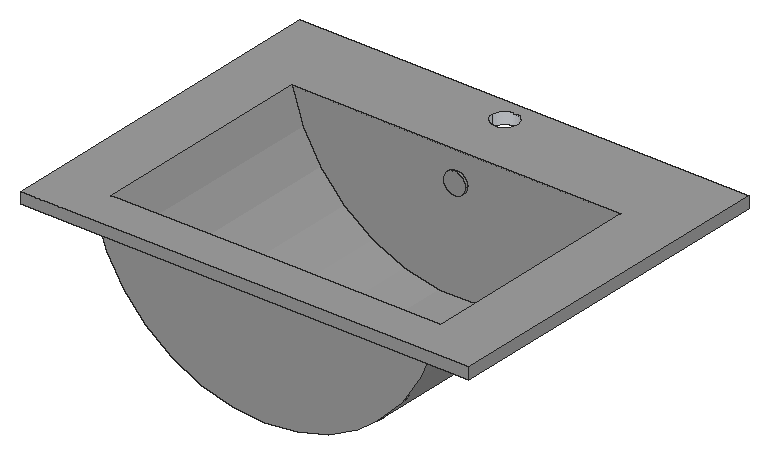
Revit family "L.DELFOS-N 60", category Plumbing Fixtures, Revit 2019
Family settings
  Round Connector Dimension = Use Diameter
  Part Type = Normal
  OmniClass Number = 23.45.00.00
  OmniClass Title = Sanitary, Laundry, and Cleaning Equipment
  Work Plane-Based = No
  Always vertical = Yes
  Cut with Voids When Loaded = No
  Shared = No
  Room Calculation Point = No
Reference planes
  plane 1 "Center (Front/Back)": y = 0
  plane 2: z = 0
  plane 3 "Center (Left/Right)": x = 0
Forms (mm)
  Extrusion 1, solid
    sketch origin (0, 0, 0) x (1, 0, 0) y (0, 0, 1)
      loop
        line (0, 180) -> (0, 165) -> (74.602, 165)
        arc (74.602, 165) -> (305, -10) -> (535.398, 165) r 239.167
        line (535.398, 165) -> (610, 165) -> (610, 180) -> (0, 180)
    from 0 to 475
  Extrusion 2, void
    sketch origin (0, 0, 0) x (0, 1, 0) y (0, 0, 1)
      loop
        line (0, 165) -> (-65, 165) -> (-65, -10) -> (0, -10) -> (0, 165)
      loop
        line (-475, 165) -> (-475, -10) -> (-440.21, -10) -> (-440.21, 165) -> (-475, 165)
    from 0 to 535.398
  Extrusion 3, void
    sketch origin (0, 0, 0) x (1, 0, 0) y (0, 0, 1)
      loop
        line (305, 180) -> (81.17, 180)
        arc (81.17, 180) -> (305, 0) -> (528.83, 180) r 229.167
        line (528.83, 180) -> (305, 180)
    from 114.885 to 421.93
  Extrusion 4, void
    sketch origin (0, 0, 0) x (1, 0, 0) y (0, 1, 0)
      loop
        circle (305, -32.5) r 17.5
    from 0 to 250
  Extrusion 5, solid
    sketch origin (0, 0, 0) x (1, 0, 0) y (0, 1, 0)
      loop
        circle (305, -272.168) r 25
    from 0 to 6.075
  Extrusion 6, solid
    sketch origin (0, 0, 0) x (1, 0, 0) y (0, 0, 1)
      loop
        circle (305, 140) r 15
    from 114.885 to 117.288
Cuts and joins
  Extrusion 2, Extrusion 3, Extrusion 4 cuts Extrusion 1
Dimensions and locks
  aligned and locked: level to plane 2
